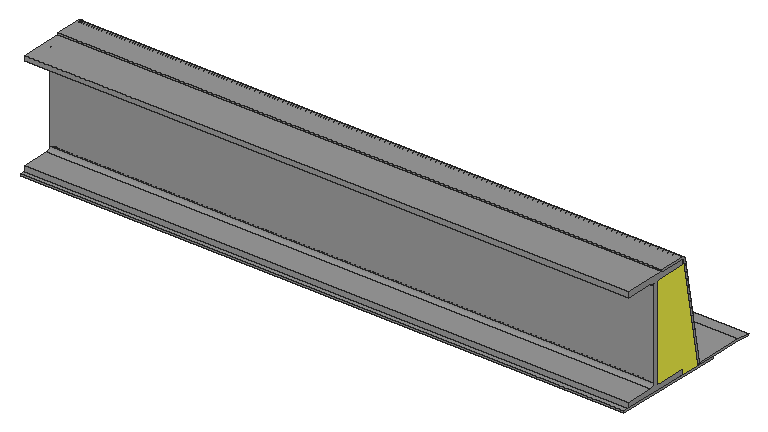
Revit family "XK 90 WOL", category Generic Models, Revit 2014
Parameters (values of type "Max lintel length 6600mm")
  URL = "http://www.keystonelintels.co.uk"
  Structural Opening [instance] = 900 mm
  Structural Performance = "The Keystone lintel range has safe working loads as detailed in each applicable loading table in the Keystone Lintel Guide brochure. The structural performance figures within each table have been ascertained by testing in accordance with the requirements of standards BS EN 5977-2: 1983 and BS EN 845-2: 2003."
  RIBA Productor Selector = "available for Keystone Lintels Ltd from Keystone Lintels Ltd from ribaproductselector.com"
  Model = "X/K 90 WOL"
  Min Length = 600 mm
  Min Clear Span = 300 mm
  Max Length = 6600 mm
  Max Clear Span = 6600 mm
  Material - Stainless Steel = "Grade 304 2b 1.4307 to BS EN 10088-2. Other grades available on request: contact manufacturer."
  Material - Galvanised Steel = "To BS EN 10346: 2009. DX51D plus Z600 or grade Z275 to BS 5977-2: 1983 (BS EN 845-2: 2003)."
  Manufacturer = "Keystone"
  Manufactured Length [instance] = (roundup(Effective Length / 150 mm) * 150 mm)  # 1200 mm
  Lintel height [instance] = 2100 mm
  Keynote = "F30/755"
  Fire Performance = "Keystone lintels have been subjected to a fire test (WARRES No. 101263) in accordance with BS 476-20: 1987, at Exova Warrington Fire and achieved a one hour fire performance."
  End Bearing = 150 mm
  Effective Length [instance] = Clear Opening with MIN MAX set + End Bearing * 2  # 1200 mm
  Corrosion = "Keystone’s standard range of lintels are manufactured from high quality grade pre-galvanized carbon steel with a zinc coating of 600"
  Contact Tel = "+44 (0)28 8676 2184"
  Contact Email = "info@keystonelintels.co.uk"
  Clear Opening with MIN MAX set [instance] = if(Structural Opening < Min Clear Span, Min Clear Span, (if(Structural Opening > Max Clear Span, Max Clear Span, Structural Opening)))  # 900 mm
  CPD Information = "Available for Keystone Lintels Ltd from ribacpd.com"
Reference planes
  plane 1 "Center (Front/Back)": y = 0
  plane 2: z = 0
  plane 3 "Center (Left/Right)": x = 0
  plane 4: x = -600
  plane 5: x = 600
  plane 6: z = 2100
  plane 7: x = -450
  plane 8: x = 450
Forms (mm)
  Extrusion 1, solid, material "Steel"
    sketch origin (0, 706.124, -506.841) x (0, 1, 0) y (0, 0, 1)
      loop
        line (-588.101, 2606.841) -> (-563.116, 2605.979) -> (-563.006, 2609.177) -> (-587.991, 2610.041) -> (-682.784, 2610.041)
        arc (-682.784, 2610.041) -> (-684.066, 2610.506) -> (-684.752, 2611.684) r 2
        line (-684.752, 2611.684) -> (-721.198, 2812.569)
        arc (-721.198, 2812.569) -> (-722.982, 2815.633) -> (-726.315, 2816.841) r 5.2
        line (-726.315, 2816.841) -> (-776.908, 2816.841) -> (-776.908, 2813.641) -> (-726.315, 2813.641)
        arc (-726.315, 2813.641) -> (-725.033, 2813.176) -> (-724.347, 2811.998) r 2
        line (-724.347, 2811.998) -> (-687.901, 2611.113)
        arc (-687.901, 2611.113) -> (-686.117, 2608.049) -> (-682.784, 2606.841) r 5.2
        line (-682.784, 2606.841) -> (-588.101, 2606.841)
    from -600 to 600
  Extrusion 2, solid, material "Steel"
    sketch origin (0, 706.124, -506.841) x (0, 1, 0) y (0, 0, 1)
      loop
        line (-727.067, 2606.841) -> (-727.067, 2616.441) -> (-783.217, 2616.441)
        arc (-783.217, 2616.441) -> (-788.591, 2618.667) -> (-790.817, 2624.041) r 7.6
        line (-790.817, 2624.041) -> (-790.817, 2796.441)
        arc (-790.817, 2796.441) -> (-788.591, 2801.815) -> (-783.217, 2804.041) r 7.6
        line (-783.217, 2804.041) -> (-727.067, 2804.041) -> (-727.067, 2813.641) -> (-860.967, 2813.641) -> (-860.967, 2804.041) -> (-804.817, 2804.041)
        arc (-804.817, 2804.041) -> (-799.443, 2801.815) -> (-797.217, 2796.441) r 7.6
        line (-797.217, 2796.441) -> (-797.217, 2624.041)
        arc (-797.217, 2624.041) -> (-799.443, 2618.667) -> (-804.817, 2616.441) r 7.6
        line (-804.817, 2616.441) -> (-860.967, 2616.441) -> (-860.967, 2606.841) -> (-727.067, 2606.841)
    from -600 to 600
  Extrusion 3, solid, material "Steel"
    sketch origin (0, 706.124, -506.841) x (0, 1, 0) y (0, 0, 1)
      loop
        line (-650.967, 2603.641) -> (-650.967, 2606.841) -> (-870.967, 2606.841) -> (-870.967, 2603.641) -> (-650.967, 2603.641)
    from -600 to 600
  Extrusion 4, solid, material "Insulation"
    sketch origin (0, 706.124, -506.841) x (0, 1, 0) y (0, 0, 1)
      loop
        line (-727.067, 2606.841) -> (-682.784, 2606.841)
        arc (-682.784, 2606.841) -> (-686.117, 2608.049) -> (-687.901, 2611.113) r 5.2
        line (-687.901, 2611.113) -> (-724.347, 2811.998)
        arc (-724.347, 2811.998) -> (-725.351, 2813.393) -> (-727.067, 2813.494) r 2
        line (-727.067, 2813.494) -> (-727.067, 2804.041) -> (-783.217, 2804.041)
        arc (-783.217, 2804.041) -> (-788.591, 2801.815) -> (-790.817, 2796.441) r 7.6
        line (-790.817, 2796.441) -> (-790.817, 2624.041)
        arc (-790.817, 2624.041) -> (-788.591, 2618.667) -> (-783.217, 2616.441) r 7.6
        line (-783.217, 2616.441) -> (-727.067, 2616.441) -> (-727.067, 2606.841)
    from -600 to 600
  Extrusion 5, solid, not visible
    sketch origin (0, 928.129, 1176.256) x (0, 1, 0) y (0, 0, 1)
      loop
        line (-588.101, 1006.841) -> (-563.116, 1005.979) -> (-563.006, 1009.177) -> (-587.991, 1010.041) -> (-682.784, 1010.041)
        arc (-682.784, 1010.041) -> (-684.066, 1010.506) -> (-684.752, 1011.684) r 2
        line (-684.752, 1011.684) -> (-721.198, 1212.569)
        arc (-721.198, 1212.569) -> (-722.982, 1215.633) -> (-726.315, 1216.841) r 5.2
        line (-726.315, 1216.841) -> (-776.908, 1216.841) -> (-776.908, 1213.641) -> (-726.315, 1213.641)
        arc (-726.315, 1213.641) -> (-725.033, 1213.176) -> (-724.347, 1211.998) r 2
        line (-724.347, 1211.998) -> (-687.901, 1011.113)
        arc (-687.901, 1011.113) -> (-686.117, 1008.049) -> (-682.784, 1006.841) r 5.2
        line (-682.784, 1006.841) -> (-588.101, 1006.841)
    from 0 to 250
  Extrusion 6, solid, not visible
    sketch origin (0, 670.144, 1192.82) x (0, 1, 0) y (0, 0, 1)
      loop
        line (-727.067, 1006.841) -> (-727.067, 1016.441) -> (-783.217, 1016.441)
        arc (-783.217, 1016.441) -> (-788.591, 1018.667) -> (-790.817, 1024.041) r 7.6
        line (-790.817, 1024.041) -> (-790.817, 1196.441)
        arc (-790.817, 1196.441) -> (-788.591, 1201.815) -> (-783.217, 1204.041) r 7.6
        line (-783.217, 1204.041) -> (-727.067, 1204.041) -> (-727.067, 1213.641) -> (-860.967, 1213.641) -> (-860.967, 1204.041) -> (-804.817, 1204.041)
        arc (-804.817, 1204.041) -> (-799.443, 1201.815) -> (-797.217, 1196.441) r 7.6
        line (-797.217, 1196.441) -> (-797.217, 1024.041)
        arc (-797.217, 1024.041) -> (-799.443, 1018.667) -> (-804.817, 1016.441) r 7.6
        line (-804.817, 1016.441) -> (-860.967, 1016.441) -> (-860.967, 1006.841) -> (-727.067, 1006.841)
    from 0 to 250
  Extrusion 7, solid, not visible
    sketch origin (0, 986.935, 1003.844) x (0, 1, 0) y (0, 0, 1)
      loop
        line (-650.967, 1003.641) -> (-650.967, 1006.841) -> (-870.967, 1006.841) -> (-870.967, 1003.641) -> (-650.967, 1003.641)
    from 0 to 250
  Extrusion 8, solid, not visible
    sketch origin (0, 604.82, 850.941) x (0, 1, 0) y (0, 0, 1)
      loop
        line (-727.067, 1006.841) -> (-682.784, 1006.841)
        arc (-682.784, 1006.841) -> (-686.117, 1008.049) -> (-687.901, 1011.113) r 5.2
        line (-687.901, 1011.113) -> (-724.347, 1211.998)
        arc (-724.347, 1211.998) -> (-725.351, 1213.393) -> (-727.067, 1213.494) r 2
        line (-727.067, 1213.494) -> (-727.067, 1204.041) -> (-783.217, 1204.041)
        arc (-783.217, 1204.041) -> (-788.591, 1201.815) -> (-790.817, 1196.441) r 7.6
        line (-790.817, 1196.441) -> (-790.817, 1024.041)
        arc (-790.817, 1024.041) -> (-788.591, 1018.667) -> (-783.217, 1016.441) r 7.6
        line (-783.217, 1016.441) -> (-727.067, 1016.441) -> (-727.067, 1006.841)
    from 0 to 250
Dimensions and locks
  equal spacing: plane 4, plane 3 "Center (Left/Right)", plane 5
  "Manufactured Length": plane 4 to plane 5
  "Lintel height": plane 6 to level
  "Structural Opening": plane 7 to plane 8
  equal spacing: plane 7, plane 3 "Center (Left/Right)", plane 8
  aligned and locked: level to plane 2
  aligned and locked: Extrusion 1 to plane 6
  aligned and locked: Extrusion 4 to plane 6
  aligned and locked: Extrusion 2 to plane 6
  aligned and locked: plane 6 to Extrusion 3
  aligned and locked: plane 5 to Extrusion 2
  aligned and locked: Extrusion 2 to plane 4
  aligned and locked: plane 5 to Extrusion 1
  aligned and locked: Extrusion 1 to plane 4
  aligned and locked: plane 5 to Extrusion 4
  aligned and locked: Extrusion 4 to plane 4
  aligned and locked: plane 5 to Extrusion 3
  aligned and locked: Extrusion 3 to plane 4
Automatic sketch dimensions
  Extrusion 1 sketch curve to Extrusion 1 sketch curve = 24.985 mm
  Extrusion 1 sketch curve to Extrusion 1 sketch curve = 0.11 mm  (x2)
  Extrusion 1 sketch curve to Extrusion 1 sketch curve = 0.862 mm
  Extrusion 1 sketch curve to Extrusion 1 sketch curve = 3.2 mm
  Extrusion 1 sketch curve to Extrusion 1 sketch curve = 94.683 mm
  Extrusion 1 sketch curve to Extrusion 1 sketch curve = 0 mm  (x8)
  Extrusion 1 sketch curve to Extrusion 1 sketch curve = 2 mm
  Extrusion 1 sketch curve to Extrusion 1 sketch curve = 5.116 mm
  Extrusion 1 sketch curve to Extrusion 1 sketch curve = 1.968 mm  (x2)
  Extrusion 1 sketch curve to Extrusion 1 sketch curve = 36.446 mm
  Extrusion 1 sketch curve to Extrusion 1 sketch curve = 200.885 mm
  Extrusion 1 sketch curve to Extrusion 1 sketch curve = 3.149 mm
  Extrusion 1 sketch curve to Extrusion 1 sketch curve = 0.571 mm
  Extrusion 1 sketch curve to Extrusion 1 sketch curve = 0.357 mm
  Extrusion 1 sketch curve to Extrusion 1 sketch curve = 50.593 mm
  Extrusion 2 sketch curve to Extrusion 2 sketch curve = 133.9 mm
  Extrusion 2 sketch curve to Extrusion 2 sketch curve = 9.6 mm  (x3)
  Extrusion 2 sketch curve to Extrusion 2 sketch curve = 56.15 mm  (x2)
  Extrusion 2 sketch curve to Extrusion 2 sketch curve = 21.6 mm
  Extrusion 2 sketch curve to Extrusion 2 sketch curve = 7.6 mm  (x4)
  Extrusion 2 sketch curve to Extrusion 2 sketch curve = 172.4 mm
  Extrusion 2 sketch curve to Extrusion 2 sketch curve = 0 mm
  Extrusion 2 sketch curve to Extrusion 2 sketch curve = 63.75 mm
  Extrusion 3 sketch curve to Extrusion 3 sketch curve = 220 mm
  Extrusion 3 sketch curve to Extrusion 3 sketch curve = 3.2 mm
  Extrusion 4 sketch curve to Extrusion 4 sketch curve = 5.116 mm
  Extrusion 4 sketch curve to Extrusion 4 sketch curve = 39.166 mm
  Extrusion 4 sketch curve to Extrusion 4 sketch curve = 0 mm
  Extrusion 4 sketch curve to Extrusion 4 sketch curve = 0.928 mm
  Extrusion 4 sketch curve to Extrusion 4 sketch curve = 36.446 mm
  Extrusion 4 sketch curve to Extrusion 4 sketch curve = 200.885 mm
  Extrusion 4 sketch curve to Extrusion 4 sketch curve = 9.6 mm
  Extrusion 4 sketch curve to Extrusion 4 sketch curve = 56.15 mm
  Extrusion 4 sketch curve to Extrusion 4 sketch curve = 7.6 mm  (x2)
  Extrusion 4 sketch curve to Extrusion 4 sketch curve = 15.557 mm
  Extrusion 4 sketch curve to Extrusion 4 sketch curve = 1.496 mm
  Extrusion 4 sketch curve to Extrusion 4 sketch curve = 1.968 mm
  Extrusion 4 sketch curve to Extrusion 4 sketch curve = 0.357 mm
  Extrusion 4 sketch curve to Extrusion 4 sketch curve = 4.272 mm
  Extrusion 5 sketch curve to Extrusion 5 sketch curve = 24.985 mm
  Extrusion 5 sketch curve to Extrusion 5 sketch curve = 0.11 mm  (x2)
  Extrusion 5 sketch curve to Extrusion 5 sketch curve = 0.862 mm
  Extrusion 5 sketch curve to Extrusion 5 sketch curve = 3.2 mm
  Extrusion 5 sketch curve to Extrusion 5 sketch curve = 94.683 mm
  Extrusion 5 sketch curve to Extrusion 5 sketch curve = 0 mm  (x8)
  Extrusion 5 sketch curve to Extrusion 5 sketch curve = 2 mm
  Extrusion 5 sketch curve to Extrusion 5 sketch curve = 5.116 mm
  Extrusion 5 sketch curve to Extrusion 5 sketch curve = 1.968 mm  (x2)
  Extrusion 5 sketch curve to Extrusion 5 sketch curve = 36.446 mm
  Extrusion 5 sketch curve to Extrusion 5 sketch curve = 200.885 mm
  Extrusion 5 sketch curve to Extrusion 5 sketch curve = 3.149 mm
  Extrusion 5 sketch curve to Extrusion 5 sketch curve = 0.571 mm
  Extrusion 5 sketch curve to Extrusion 5 sketch curve = 0.357 mm
  Extrusion 5 sketch curve to Extrusion 5 sketch curve = 50.593 mm
  Extrusion 6 sketch curve to Extrusion 6 sketch curve = 133.9 mm
  Extrusion 6 sketch curve to Extrusion 6 sketch curve = 9.6 mm  (x3)
  Extrusion 6 sketch curve to Extrusion 6 sketch curve = 56.15 mm  (x2)
  Extrusion 6 sketch curve to Extrusion 6 sketch curve = 21.6 mm
  Extrusion 6 sketch curve to Extrusion 6 sketch curve = 7.6 mm  (x4)
  Extrusion 6 sketch curve to Extrusion 6 sketch curve = 172.4 mm
  Extrusion 6 sketch curve to Extrusion 6 sketch curve = 0 mm
  Extrusion 6 sketch curve to Extrusion 6 sketch curve = 63.75 mm
  Extrusion 7 sketch curve to Extrusion 7 sketch curve = 220 mm
  Extrusion 7 sketch curve to Extrusion 7 sketch curve = 3.2 mm
  Extrusion 8 sketch curve to Extrusion 8 sketch curve = 5.116 mm
  Extrusion 8 sketch curve to Extrusion 8 sketch curve = 39.166 mm
  Extrusion 8 sketch curve to Extrusion 8 sketch curve = 0 mm
  Extrusion 8 sketch curve to Extrusion 8 sketch curve = 0.928 mm
  Extrusion 8 sketch curve to Extrusion 8 sketch curve = 36.446 mm
  Extrusion 8 sketch curve to Extrusion 8 sketch curve = 200.885 mm
  Extrusion 8 sketch curve to Extrusion 8 sketch curve = 9.6 mm
  Extrusion 8 sketch curve to Extrusion 8 sketch curve = 56.15 mm
  Extrusion 8 sketch curve to Extrusion 8 sketch curve = 7.6 mm  (x2)
  Extrusion 8 sketch curve to Extrusion 8 sketch curve = 15.557 mm
  Extrusion 8 sketch curve to Extrusion 8 sketch curve = 1.496 mm
  Extrusion 8 sketch curve to Extrusion 8 sketch curve = 1.968 mm
  Extrusion 8 sketch curve to Extrusion 8 sketch curve = 0.357 mm
  Extrusion 8 sketch curve to Extrusion 8 sketch curve = 4.272 mm
  Extrusion 4 sketch curve to plane 6 = 0 mm
  plane 1 "Center (Front/Back)" to Extrusion 4 sketch curve = 84.693 mm
  Extrusion 3 sketch curve to plane 6 = 0 mm
  plane 1 "Center (Front/Back)" to Extrusion 3 sketch curve = 164.843 mm
  Extrusion 2 sketch curve to plane 6 = 0 mm
  plane 1 "Center (Front/Back)" to Extrusion 2 sketch curve = 154.843 mm
  Extrusion 1 sketch curve to plane 6 = 0 mm
  plane 1 "Center (Front/Back)" to Extrusion 1 sketch curve = 70.784 mm
